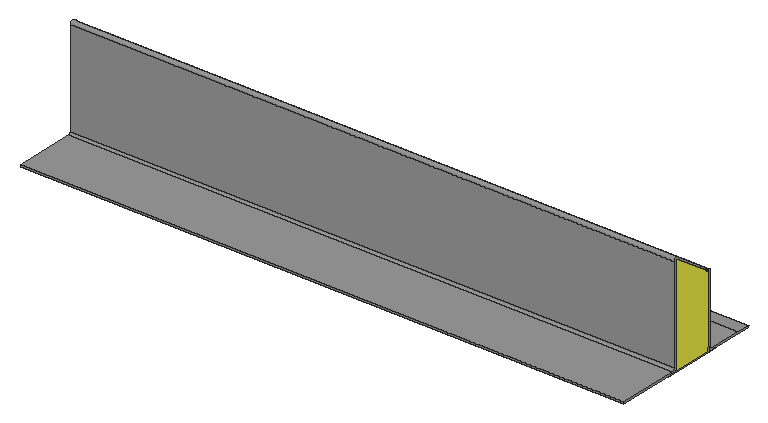
Revit family "XHD K 90 WIL", category Generic Models, Revit 2014
Parameters (values of type "Max lintel length 2100mm")
  URL = "http://www.keystonelintels.co.uk"
  Structural Opening [instance] = 900 mm
  Structural Performance = "The Keystone lintel range has safe working loads as detailed in each applicable loading table in the Keystone Lintel Guide brochure. The structural performance figures within each table have been ascertained by testing in accordance with the requirements of standards BS EN 5977-2: 1983 and BS EN 845-2: 2003."
  RIBA Productor Selector = "available for Keystone Lintels Ltd from Keystone Lintels Ltd from ribaproductselector.com"
  Model = "XHD/K 90 WIL"
  Min Length = 600 mm
  Min Clear Span = 300 mm
  Max Length = 2100 mm
  Max Clear Span = 2100 mm
  Material - Stainless Steel = "Grade 304 2b 1.4307 to BS EN 10088-2. Other grades available on request: contact manufacturer."
  Material - Galvanised Steel = "To BS EN 10346: 2009. DX51D plus Z600 or grade Z275 to BS 5977-2: 1983 (BS EN 845-2: 2003)."
  Manufacturer = "Keystone"
  Manufactured Length [instance] = (roundup(Effective Length / 150 mm) * 150 mm)  # 1200 mm
  Lintel height [instance] = 2100 mm
  Keynote = "F30/755"
  Fire Performance = "Keystone lintels have been subjected to a fire test (WARRES No. 101263) in accordance with BS 476-20: 1987, at Exova Warrington Fire and achieved a one hour fire performance."
  End Bearing = 150 mm
  Effective Length [instance] = Clear Opening with MIN MAX set + End Bearing * 2  # 1200 mm
  Corrosion = "Keystone’s standard range of lintels are manufactured from high quality grade pre-galvanized carbon steel with a zinc coating of 600"
  Contact Tel = "+44 (0)28 8676 2184"
  Contact Email = "info@keystonelintels.co.uk"
  Clear Opening with MIN MAX set [instance] = if(Structural Opening < Min Clear Span, Min Clear Span, (if(Structural Opening > Max Clear Span, Max Clear Span, Structural Opening)))  # 900 mm
  CPD Information = "Available for Keystone Lintels Ltd from ribacpd.com"
Reference planes
  plane 1 "Center (Front/Back)": y = 0
  plane 2: z = 0
  plane 3 "Center (Left/Right)": x = 0
  plane 4: x = -600
  plane 5: x = 600
  plane 6: z = 2100
  plane 7: x = -450
  plane 8: x = 450
Forms (mm)
  Extrusion 1, solid, material "Steel"
    sketch origin (0, 700.843, -509.096) x (0, 1, 0) y (0, 0, 1)
      loop
        line (-563.092, 2608.233) -> (-562.981, 2611.431) -> (-587.986, 2612.296) -> (-652.991, 2612.296)
        arc (-652.991, 2612.296) -> (-656.315, 2613.672) -> (-657.691, 2616.996) r 4.7
        line (-657.691, 2616.996) -> (-657.691, 2752.356)
        arc (-657.691, 2752.356) -> (-658.278, 2754.756) -> (-659.906, 2756.614) r 5.2
        line (-659.906, 2756.614) -> (-738.106, 2811.444)
        arc (-738.106, 2811.444) -> (-743.491, 2811.8) -> (-746.291, 2807.186) r 5.2
        line (-746.291, 2807.186) -> (-746.291, 2616.996)
        arc (-746.291, 2616.996) -> (-747.668, 2613.672) -> (-750.991, 2612.296) r 4.7
        line (-750.991, 2612.296) -> (-870.991, 2612.296) -> (-870.991, 2609.096) -> (-750.991, 2609.096)
        arc (-750.991, 2609.096) -> (-745.405, 2611.41) -> (-743.091, 2616.996) r 7.9
        line (-743.091, 2616.996) -> (-743.091, 2807.186)
        arc (-743.091, 2807.186) -> (-742.014, 2808.961) -> (-739.943, 2808.824) r 2
        line (-739.943, 2808.824) -> (-661.743, 2753.994)
        arc (-661.743, 2753.994) -> (-661.117, 2753.279) -> (-660.891, 2752.356) r 2
        line (-660.891, 2752.356) -> (-660.891, 2616.996)
        arc (-660.891, 2616.996) -> (-658.578, 2611.41) -> (-652.991, 2609.096) r 7.9
        line (-652.991, 2609.096) -> (-588.042, 2609.096) -> (-563.092, 2608.233)
    from -600 to 600
  Extrusion 2, solid, material "Steel"
    sketch origin (0, 700.843, -509.096) x (0, 1, 0) y (0, 0, 1)
      loop
        line (-759.491, 2608.096) -> (-644.491, 2608.096) -> (-644.491, 2609.096) -> (-661.491, 2609.096) -> (-661.491, 2617.096) -> (-662.491, 2617.096) -> (-662.491, 2609.096) -> (-759.491, 2609.096) -> (-759.491, 2608.096)
    from -600 to 600
  Extrusion 3, solid, material "Insulation"
    sketch origin (0, 700.843, -509.096) x (0, 1, 0) y (0, 0, 1)
      loop
        arc (-652.991, 2609.096) -> (-658.578, 2611.41) -> (-660.891, 2616.996) r 7.9
        line (-660.891, 2616.996) -> (-660.891, 2752.356)
        arc (-660.891, 2752.356) -> (-661.117, 2753.279) -> (-661.743, 2753.994) r 2
        line (-661.743, 2753.994) -> (-739.943, 2808.824)
        arc (-739.943, 2808.824) -> (-742.014, 2808.961) -> (-743.091, 2807.186) r 2
        line (-743.091, 2807.186) -> (-743.091, 2616.996)
        arc (-743.091, 2616.996) -> (-745.405, 2611.41) -> (-750.991, 2609.096) r 7.9
        line (-750.991, 2609.096) -> (-662.491, 2609.096) -> (-662.491, 2617.096) -> (-661.491, 2617.096) -> (-661.491, 2609.096) -> (-652.991, 2609.096)
    from -600 to 600
  Extrusion 4, solid, not visible
    sketch origin (0, 997.691, 1238.227) x (0, 1, 0) y (0, 0, 1)
      loop
        line (-563.092, 1008.233) -> (-562.981, 1011.431) -> (-587.986, 1012.296) -> (-652.991, 1012.296)
        arc (-652.991, 1012.296) -> (-656.315, 1013.672) -> (-657.691, 1016.996) r 4.7
        line (-657.691, 1016.996) -> (-657.691, 1152.356)
        arc (-657.691, 1152.356) -> (-658.278, 1154.756) -> (-659.906, 1156.614) r 5.2
        line (-659.906, 1156.614) -> (-738.106, 1211.444)
        arc (-738.106, 1211.444) -> (-743.491, 1211.8) -> (-746.291, 1207.186) r 5.2
        line (-746.291, 1207.186) -> (-746.291, 1016.996)
        arc (-746.291, 1016.996) -> (-747.668, 1013.672) -> (-750.991, 1012.296) r 4.7
        line (-750.991, 1012.296) -> (-870.991, 1012.296) -> (-870.991, 1009.096) -> (-750.991, 1009.096)
        arc (-750.991, 1009.096) -> (-745.405, 1011.41) -> (-743.091, 1016.996) r 7.9
        line (-743.091, 1016.996) -> (-743.091, 1207.186)
        arc (-743.091, 1207.186) -> (-742.014, 1208.961) -> (-739.943, 1208.824) r 2
        line (-739.943, 1208.824) -> (-661.743, 1153.994)
        arc (-661.743, 1153.994) -> (-661.117, 1153.279) -> (-660.891, 1152.356) r 2
        line (-660.891, 1152.356) -> (-660.891, 1016.996)
        arc (-660.891, 1016.996) -> (-658.578, 1011.41) -> (-652.991, 1009.096) r 7.9
        line (-652.991, 1009.096) -> (-588.042, 1009.096) -> (-563.092, 1008.233)
    from 0 to 250
  Extrusion 5, solid, not visible
    sketch origin (0, 570.769, 1265.627) x (0, 1, 0) y (0, 0, 1)
      loop
        arc (-652.991, 1009.096) -> (-658.578, 1011.41) -> (-660.891, 1016.996) r 7.9
        line (-660.891, 1016.996) -> (-660.891, 1152.356)
        arc (-660.891, 1152.356) -> (-661.117, 1153.279) -> (-661.743, 1153.994) r 2
        line (-661.743, 1153.994) -> (-739.943, 1208.824)
        arc (-739.943, 1208.824) -> (-742.014, 1208.961) -> (-743.091, 1207.186) r 2
        line (-743.091, 1207.186) -> (-743.091, 1016.996)
        arc (-743.091, 1016.996) -> (-745.405, 1011.41) -> (-750.991, 1009.096) r 7.9
        line (-750.991, 1009.096) -> (-662.491, 1009.096) -> (-662.491, 1017.096) -> (-661.491, 1017.096) -> (-661.491, 1009.096) -> (-652.991, 1009.096)
    from 0 to 250
  Extrusion 6, solid, not visible
    sketch origin (0, 967.46, 1025.814) x (0, 1, 0) y (0, 0, 1)
      loop
        line (-759.491, 1008.096) -> (-644.491, 1008.096) -> (-644.491, 1009.096) -> (-661.491, 1009.096) -> (-661.491, 1017.096) -> (-662.491, 1017.096) -> (-662.491, 1009.096) -> (-759.491, 1009.096) -> (-759.491, 1008.096)
    from 0 to 250
Dimensions and locks
  equal spacing: plane 4, plane 3 "Center (Left/Right)", plane 5
  "Manufactured Length": plane 4 to plane 5
  "Lintel height": plane 6 to level
  "Structural Opening": plane 7 to plane 8
  equal spacing: plane 7, plane 3 "Center (Left/Right)", plane 8
  aligned and locked: level to plane 2
  aligned and locked: Extrusion 1 to plane 6
  aligned and locked: Extrusion 3 to plane 6
  aligned and locked: plane 6 to Extrusion 2
  aligned and locked: plane 5 to Extrusion 1
  aligned and locked: Extrusion 1 to plane 4
  aligned and locked: plane 5 to Extrusion 3
  aligned and locked: Extrusion 3 to plane 4
  aligned and locked: plane 5 to Extrusion 2
  aligned and locked: Extrusion 2 to plane 4
Automatic sketch dimensions
  Extrusion 1 sketch curve to Extrusion 1 sketch curve = 24.95 mm
  Extrusion 1 sketch curve to Extrusion 1 sketch curve = 0.111 mm
  Extrusion 1 sketch curve to Extrusion 1 sketch curve = 0.863 mm
  Extrusion 1 sketch curve to Extrusion 1 sketch curve = 0.055 mm
  Extrusion 1 sketch curve to Extrusion 1 sketch curve = 64.95 mm
  Extrusion 1 sketch curve to Extrusion 1 sketch curve = 4.7 mm  (x2)
  Extrusion 1 sketch curve to Extrusion 1 sketch curve = 135.361 mm
  Extrusion 1 sketch curve to Extrusion 1 sketch curve = 0 mm  (x17)
  Extrusion 1 sketch curve to Extrusion 1 sketch curve = 2 mm
  Extrusion 1 sketch curve to Extrusion 1 sketch curve = 0.852 mm
  Extrusion 1 sketch curve to Extrusion 1 sketch curve = 78.2 mm
  Extrusion 1 sketch curve to Extrusion 1 sketch curve = 54.83 mm
  Extrusion 1 sketch curve to Extrusion 1 sketch curve = 1.837 mm  (x2)
  Extrusion 1 sketch curve to Extrusion 1 sketch curve = 2.62 mm
  Extrusion 1 sketch curve to Extrusion 1 sketch curve = 1.148 mm
  Extrusion 1 sketch curve to Extrusion 1 sketch curve = 1.638 mm
  Extrusion 1 sketch curve to Extrusion 1 sketch curve = 120 mm
  Extrusion 2 sketch curve to Extrusion 2 sketch curve = 115 mm
  Extrusion 2 sketch curve to Extrusion 2 sketch curve = 1 mm  (x2)
  Extrusion 2 sketch curve to Extrusion 2 sketch curve = 17 mm
  Extrusion 2 sketch curve to Extrusion 2 sketch curve = 8 mm
  Extrusion 2 sketch curve to Extrusion 2 sketch curve = 0 mm
  Extrusion 3 sketch curve to Extrusion 3 sketch curve = 7.9 mm  (x4)
  Extrusion 3 sketch curve to Extrusion 3 sketch curve = 0.6 mm
  Extrusion 3 sketch curve to Extrusion 3 sketch curve = 0 mm  (x3)
  Extrusion 3 sketch curve to Extrusion 3 sketch curve = 0.1 mm
  Extrusion 3 sketch curve to Extrusion 3 sketch curve = 1 mm
  Extrusion 3 sketch curve to Extrusion 3 sketch curve = 135.261 mm
  Extrusion 3 sketch curve to Extrusion 3 sketch curve = 88.5 mm
  Extrusion 3 sketch curve to Extrusion 3 sketch curve = 54.83 mm
  Extrusion 3 sketch curve to Extrusion 3 sketch curve = 2 mm
  Extrusion 3 sketch curve to Extrusion 3 sketch curve = 0.852 mm
  Extrusion 3 sketch curve to Extrusion 3 sketch curve = 3.148 mm
  Extrusion 3 sketch curve to Extrusion 3 sketch curve = 1.638 mm
  Extrusion 4 sketch curve to Extrusion 4 sketch curve = 24.95 mm
  Extrusion 4 sketch curve to Extrusion 4 sketch curve = 0.111 mm
  Extrusion 4 sketch curve to Extrusion 4 sketch curve = 0.863 mm
  Extrusion 4 sketch curve to Extrusion 4 sketch curve = 0.055 mm
  Extrusion 4 sketch curve to Extrusion 4 sketch curve = 64.95 mm
  Extrusion 4 sketch curve to Extrusion 4 sketch curve = 4.7 mm  (x2)
  Extrusion 4 sketch curve to Extrusion 4 sketch curve = 135.361 mm
  Extrusion 4 sketch curve to Extrusion 4 sketch curve = 0 mm  (x17)
  Extrusion 4 sketch curve to Extrusion 4 sketch curve = 2 mm
  Extrusion 4 sketch curve to Extrusion 4 sketch curve = 0.852 mm
  Extrusion 4 sketch curve to Extrusion 4 sketch curve = 78.2 mm
  Extrusion 4 sketch curve to Extrusion 4 sketch curve = 54.83 mm
  Extrusion 4 sketch curve to Extrusion 4 sketch curve = 1.837 mm  (x2)
  Extrusion 4 sketch curve to Extrusion 4 sketch curve = 2.62 mm
  Extrusion 4 sketch curve to Extrusion 4 sketch curve = 1.148 mm
  Extrusion 4 sketch curve to Extrusion 4 sketch curve = 1.638 mm
  Extrusion 4 sketch curve to Extrusion 4 sketch curve = 120 mm
  Extrusion 5 sketch curve to Extrusion 5 sketch curve = 7.9 mm  (x4)
  Extrusion 5 sketch curve to Extrusion 5 sketch curve = 0.6 mm
  Extrusion 5 sketch curve to Extrusion 5 sketch curve = 0 mm  (x3)
  Extrusion 5 sketch curve to Extrusion 5 sketch curve = 0.1 mm
  Extrusion 5 sketch curve to Extrusion 5 sketch curve = 1 mm
  Extrusion 5 sketch curve to Extrusion 5 sketch curve = 135.261 mm
  Extrusion 5 sketch curve to Extrusion 5 sketch curve = 88.5 mm
  Extrusion 5 sketch curve to Extrusion 5 sketch curve = 54.83 mm
  Extrusion 5 sketch curve to Extrusion 5 sketch curve = 2 mm
  Extrusion 5 sketch curve to Extrusion 5 sketch curve = 0.852 mm
  Extrusion 5 sketch curve to Extrusion 5 sketch curve = 3.148 mm
  Extrusion 5 sketch curve to Extrusion 5 sketch curve = 1.638 mm
  Extrusion 6 sketch curve to Extrusion 6 sketch curve = 115 mm
  Extrusion 6 sketch curve to Extrusion 6 sketch curve = 1 mm  (x2)
  Extrusion 6 sketch curve to Extrusion 6 sketch curve = 17 mm
  Extrusion 6 sketch curve to Extrusion 6 sketch curve = 8 mm
  Extrusion 6 sketch curve to Extrusion 6 sketch curve = 0 mm
  Extrusion 2 sketch curve to plane 6 = 0 mm
  plane 1 "Center (Front/Back)" to Extrusion 2 sketch curve = 58.648 mm
  Extrusion 3 sketch curve to plane 6 = 0 mm
  plane 1 "Center (Front/Back)" to Extrusion 3 sketch curve = 50.148 mm
  Extrusion 1 sketch curve to plane 6 = 0 mm
  plane 1 "Center (Front/Back)" to Extrusion 1 sketch curve = 170.148 mm
